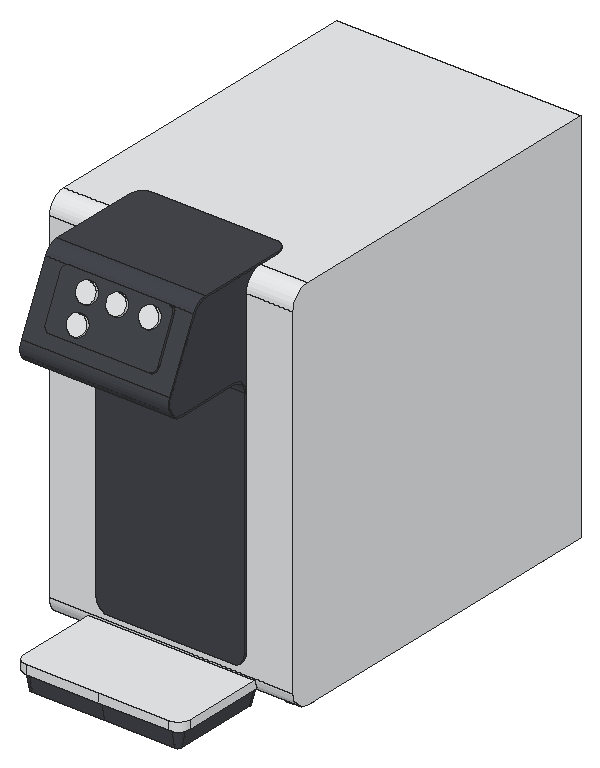
Revit family "Water_Dispenser_Hot-Filtered-Elkay-DSBSH130UVPC 2", category Plumbing Fixtures, Revit 2022
Family settings
  Round Connector Dimension = Use Diameter
  Part Type = Normal
  OmniClass Number = 23.45.00.00
  OmniClass Title = Sanitary, Laundry, and Cleaning Equipment
  Work Plane-Based = No
  Always vertical = No
  Cut with Voids When Loaded = No
  Maintain Annotation Orientation = No
  Shared = No
  Room Calculation Point = No
Parameters (values of type "DSBSH130UVPC (Water Dispenser Hot Filtered Refrigerated 1.5 GPH Stainless )")
  Width [instance] = 10 1/4"
  Waste Connection = yes
  Voltage = 115 V
  Vent Connection = yes
  URL = "https://www.elkay.com/us/en.html"
  Type Comments = ""
  Repair Parts URL = "https://www.elkayfiles.com/care-cleaning-install-warranty-sheets/1000003719.pdf"
  Product data URL = "https://bimobject.com/elkay/product/DSBSH130UVPC"
  Product Weight (lbs) = 65
  Product Page URL = "https://www.elkay.com/products/details/dsbsh130uvpc"
  Product Installation Sheet URL = "https://www.elkayfiles.com/care-cleaning-install-warranty-sheets/1000003719.pdf"
  Product Documentation Link = "https://www.elkayfiles.com/spec-sheets/dsbsh130uvpc_spec.pdf"
  Power Factor = 1
  Outlet Connection Size (inch) = 0"
  Number of Poles = 1
  Modified Date = ""
  Model = "DSBSH130UVPC"
  Manufacturer Brand = "Elkay (by Zurn Elkay Water Solutions)"  # constant formula
  Manufacturer = "Elkay Manufacturer Company"  # constant formula
  Main Material = Finish-Elkay-Steel
  Length = 19.19076"
  Inlet Connection Size (inch) = 1/4"
  Height = 16 1/2"
  HW Connection = yes
  Front Panel = Finish-Elkay-Midnight Black
  Footings dia = 0.57"
  Dimensions (L x W x H) = "\"19 3/16 inch x 10 1/4 inch x 16 7/16 inch\""
  Description = "Water Dispenser Hot Filtered Refrigerated 1.5 GPH Stainless Steel"
  Default Elevation = 0"
  Date Created = ""
  Current = 0 A
  Chilling Capacity(GPH) = "1.5 GPH"
  CW Connection = yes
  Buttons dia = 0.81704"
  Buttons Pad = Glass
  Assembly Code = "D2010800"
  Approx. Shipping Weight (lbs) = 80
Reference planes (in)
  plane 1 "Center (Front/Back)": y = 0
  plane 2: z = 0.03
  plane 3 "Center (Left/Right)": x = 0
  plane 4: z = 0.53
  plane 5: z = 16.405
  plane 6: y = 11.26574
  plane 7: y = -3.85926
  plane 8: x = 5.125
  plane 9: x = -5.125
  plane 10: y = -1.60926
  plane 11: z = 1.53
  plane 12: through (0, -6.52996, 16.05223) normal (0, -0.9002, 0.4356)
  plane 13: z = 16.4675
  plane 14: through (0, -6.58622, 16.07945) normal (0, -0.9002, 0.4356)
  plane 15: z = 12.4675
  plane 16: y = -3.92176
  plane 17: z = 12.53
  plane 18: z = 11.905
  plane 19: y = -4.48426
  plane 20: z = 15.78
  plane 21: y = -5.96736
  plane 22: y = -7.23752
  plane 23: z = 13.155
  plane 24: x = -4.06474
  plane 25: x = 4.06474
  plane 26: y = -2.15584
  plane 27: y = 9.84416
  plane 28: x = -3.5
  plane 29: x = 3.5
  plane 30: y = -7.74504
  plane 31: y = -3.26092
  plane 32: x = -2.625
  plane 33: x = 2.625
  plane 34: y = -3.63592
  plane 35: y = -3.38592
  plane 36: x = -3.375
  plane 37: x = -2.75
  plane 38: x = 2.75
  plane 39: x = 3.375
  plane 40: y = -3.51092
  plane 41: x = 2.5
  plane 42: y = -3.51092
  plane 43: y = -3.57342
  plane 44: y = -7.44842
  plane 45: y = -3.94842
  plane 46: x = -3.3125
  plane 47: y = -7.57342
  plane 48: x = 3.3125
  plane 49: y = -3.44842
  plane 50: y = -3.82342
  plane 51: y = -3.51092
  plane 52: z = 0.45937
  plane 53: through (0, -6.82477, 15.94518) normal (0, -0.9002, 0.4356)
  plane 54: y = -1.35926
  plane 55: y = -2.17176
  plane 56: x = 3.31095
  plane 57: x = -3.31095
  plane 58: x = -2.5625
  plane 59: x = 2.5625
  plane 60: z = 1.35734
  plane 61: z = 2.44269
  plane 62: x = -2.26573
  plane 63: x = -3.375
  plane 64: x = 3.375
  plane 65: z = 12.1722
  plane 66: z = 12.53
  plane 67: y = -7.92502
  plane 68: x = 3.5
  plane 69: x = -3.53778
  plane 70: z = 12.4675
  plane 71: through (0, -7.87889, 13.40259) normal (0, -0.9002, 0.4356)
  plane 72: y = -7.92502
  plane 73: z = 0.03
  plane 74: z = 0.817
  plane 75: z = 5.9675
  plane 76: x = 2.125
  plane 77: y = 11.20324
  plane 78: z = 7.9675
  plane 79: y = -3.92176
Forms (in)
  Extrusion 1, solid, material "Finish-Elkay-Steel" <- "Main Material"
    sketch origin (0, 0, -0.0325) x (1, 0, 0) y (0, 1, 0)
      loop
        circle (-4.06474, -2.15584) r 0.57
      loop
        circle (4.06474, -2.15584) r 0.57
      loop
        circle (-4.06474, 9.84416) r 0.57
      loop
        circle (4.06474, 9.84416) r 0.57
    from 0.0625 to 0.53
  Extrusion 2, solid, material "Finish-Elkay-Steel", detail levels fine
    sketch origin (3.92258, -13.37925, 0) x (0, -1, 0) y (0, 0, -1)
      loop
        arc (-9.51999, -1.2475) -> (-9.73966, -0.71717) -> (-10.26999, -0.4975) r 0.75
        line (-10.26999, -0.4975) -> (-24.64499, -0.4975) -> (-24.64499, -16.405) -> (-10.26999, -16.405)
        arc (-10.26999, -16.405) -> (-9.73966, -16.18533) -> (-9.51999, -15.655) r 0.75
        line (-9.51999, -15.655) -> (-9.51999, -1.2475)
    from -9.05258 to 1.20242
  Extrusion 3, solid, material "Finish-Elkay-Midnight Black" <- "Front Panel", detail levels fine
    sketch origin (3.9654, 13.58074, 0) x (0, -1, 0) y (0, 0, -1)
      loop
        line (16.6275, -16.405) -> (19.5481, -16.405)
        arc (19.5481, -16.405) -> (19.88012, -16.30951) -> (20.1107, -16.05223) r 0.625
        line (20.1107, -16.05223) -> (21.38086, -13.42723)
        arc (21.38086, -13.42723) -> (21.34777, -12.82297) -> (20.81826, -12.53) r 0.625
        line (20.81826, -12.53) -> (18.065, -12.53)
        arc (18.065, -12.53) -> (17.62306, -12.34694) -> (17.44, -11.905) r 0.625
        line (17.44, -11.905) -> (17.44, -15.5925)
        arc (17.44, -15.5925) -> (17.20202, -16.16702) -> (16.6275, -16.405) r 0.8125
    from -7.0904 to -0.8404
  Extrusion 4, solid, material "Finish-Elkay-Midnight Black" <- "Front Panel", detail levels fine
    sketch origin (5.0675, 13.58074, 0) x (0, -1, 0) y (0, 0, -1)
      loop
        line (15.19, -16.405) -> (15.19, -16.4675) -> (19.5481, -16.4675)
        arc (19.5481, -16.4675) -> (19.91333, -16.36246) -> (20.16696, -16.07945) r 0.6875
        line (20.16696, -16.07945) -> (21.43712, -13.45445)
        arc (21.43712, -13.45445) -> (21.40072, -12.78977) -> (20.81826, -12.4675) r 0.6875
        line (20.81826, -12.4675) -> (18.065, -12.4675)
        arc (18.065, -12.4675) -> (17.66725, -12.30275) -> (17.5025, -11.905) r 0.5625
        line (17.5025, -11.905) -> (17.5025, -1.53) -> (17.44, -1.53) -> (17.44, -11.905)
        arc (17.44, -11.905) -> (17.62306, -12.34694) -> (18.065, -12.53) r 0.625
        line (18.065, -12.53) -> (20.81826, -12.53)
        arc (20.81826, -12.53) -> (21.34777, -12.82297) -> (21.38086, -13.42723) r 0.625
        line (21.38086, -13.42723) -> (20.1107, -16.05223)
        arc (20.1107, -16.05223) -> (19.88012, -16.30951) -> (19.5481, -16.405) r 0.625
        line (19.5481, -16.405) -> (15.19, -16.405)
    from -8.1925 to -1.9425
  Extrusion 5, void
    sketch origin (0, 0, -0.0325) x (1, 0, 0) y (0, 1, 0)
      loop
        line (-2.5625, -1.60926) -> (-2.5625, -1.35926) -> (-3.31095, -1.35926) -> (-3.31095, -2.17176) -> (-3.125, -2.17176)
        arc (-3.125, -2.17176) -> (-2.96025, -1.77402) -> (-2.5625, -1.60926) r 0.5625
      loop
        arc (2.5625, -1.60926) -> (2.96025, -1.77402) -> (3.125, -2.17176) r 0.5625
        line (3.125, -2.17176) -> (3.31095, -2.17176) -> (3.31095, -1.35926) -> (2.5625, -1.35926) -> (2.5625, -1.60926)
    from 16.4375 to 16.58746
  Extrusion 6, void
    sketch origin (5.0675, -3.92176, 12.53) x (0, 0, 1) y (1, 0, 0)
      loop
        arc (-10.47, -8.1925) -> (-10.86775, -8.02775) -> (-11.0325, -7.63) r 0.5625
        line (-11.0325, -7.63) -> (-11.0325, -7.33323) -> (-11.17266, -7.33323) -> (-11.17266, -8.4425) -> (-10.08731, -8.4425) -> (-10.08731, -8.1925) -> (-10.47, -8.1925)
      loop
        line (-10.4814, -1.9425) -> (-9.7825, -1.9425) -> (-9.7825, -1.6925) -> (-11.17266, -1.6925) -> (-11.17266, -2.79037) -> (-11.0325, -2.79037) -> (-11.0325, -2.4936)
        arc (-11.0325, -2.4936) -> (-10.87109, -2.10391) -> (-10.4814, -1.9425) r 0.5511
    from 0.0625 to -0.45053
  Extrusion 7, solid, material "Finish-Elkay-Midnight Black" <- "Front Panel", detail levels fine
    sketch origin (5.0675, -6.4244, 16.41387) x (0, -0.435561, -0.900159) y (1, 0, 0)
      loop
        arc (0.37743, -7.15586) -> (0.45065, -7.33264) -> (0.62743, -7.40586) r 0.25
        line (0.62743, -7.40586) -> (2.50139, -7.40586)
        arc (2.50139, -7.40586) -> (2.67817, -7.33264) -> (2.75139, -7.15586) r 0.25
        line (2.75139, -7.15586) -> (2.75139, -2.9425)
        arc (2.75139, -2.9425) -> (2.67817, -2.76572) -> (2.50139, -2.6925) r 0.25
        line (2.50139, -2.6925) -> (0.62743, -2.6925)
        arc (0.62743, -2.6925) -> (0.45065, -2.76572) -> (0.37743, -2.9425) r 0.25
        line (0.37743, -2.9425) -> (0.37743, -7.15586)
    from 0 to 0.0625
  Extrusion 8, solid, material "Finish-Elkay-Steel" <- "Main Material", detail levels fine
    sketch origin (5.0675, -6.48066, 16.4411) x (0, -0.435561, -0.900159) y (1, 0, 0)
      loop
        circle (1.0048, -6.15284) r 0.40852
    from 0 to 0.09375
  Extrusion 9, solid, material "Finish-Elkay-Steel" <- "Main Material", detail levels fine
    sketch origin (4.79066, -7.95386, 13.39649) x (0, 0.435561, 0.900159) y (-1, 0, 0)
      loop
        circle (1.24703, 5.876) r 0.40852
    from 0 to 0.09375
  Extrusion 10, solid, material "Finish-Elkay-Steel" <- "Main Material", detail levels fine
    sketch origin (6.06548, -6.37516, 16.65913) x (0, -0.435561, -0.900159) y (1, 0, 0)
      loop
        circle (1.24703, -5.876) r 0.40852
    from 0 to 0.09375
  Extrusion 11, solid, material "Finish-Elkay-Steel" <- "Main Material", detail levels fine
    sketch origin (7.44048, -6.37516, 16.65913) x (0, -0.435561, -0.900159) y (1, 0, 0)
      loop
        circle (1.24703, -5.876) r 0.40852
    from 0 to 0.09375
  Extrusion 12, solid, material "Finish-Elkay-Steel" <- "Main Material"
    sketch origin (3.9654, -3.85926, 12.53) x (-1, 0, 0) y (0, 1, 0)
      loop
        circle (3.9029, -2.00163) r 0.5
    from 0 to 0.3578
  Extrusion 13, solid, material "Finish-Elkay-Steel" <- "Main Material", detail levels fine
    sketch origin (11.3125, 3.4197, 0.66515) x (1, 0, 0) y (0, 1, 0)
      loop
        line (-11.3125, -7.05562) -> (-13.8125, -7.05562)
        arc (-13.8125, -7.05562) -> (-13.90089, -7.01901) -> (-13.9375, -6.93062) r 0.125
        line (-13.9375, -6.93062) -> (-13.9375, -6.80562)
        arc (-13.9375, -6.80562) -> (-13.97411, -6.71723) -> (-14.0625, -6.68062) r 0.125
        line (-14.0625, -6.68062) -> (-14.6875, -6.68062)
        arc (-14.6875, -6.68062) -> (-14.77589, -6.71723) -> (-14.8125, -6.80562) r 0.125
        line (-14.8125, -6.80562) -> (-14.8125, -10.66474)
        arc (-14.8125, -10.66474) -> (-14.66605, -11.01829) -> (-14.3125, -11.16474) r 0.5
        line (-14.3125, -11.16474) -> (-11.3125, -11.16474) -> (-8.3125, -11.16474)
        arc (-8.3125, -11.16474) -> (-7.95895, -11.01829) -> (-7.8125, -10.66474) r 0.5
        line (-7.8125, -10.66474) -> (-7.8125, -6.80562)
        arc (-7.8125, -6.80562) -> (-7.84911, -6.71723) -> (-7.9375, -6.68062) r 0.125
        line (-7.9375, -6.68062) -> (-8.5625, -6.68062)
        arc (-8.5625, -6.68062) -> (-8.65089, -6.71723) -> (-8.6875, -6.80562) r 0.125
        line (-8.6875, -6.80562) -> (-8.6875, -6.93062)
        arc (-8.6875, -6.93062) -> (-8.72411, -7.01901) -> (-8.8125, -7.05562) r 0.125
        line (-8.8125, -7.05562) -> (-11.3125, -7.05562)
    from 0.15185 to 0.50705
  Blend 14, solid, material "Finish-Elkay-Midnight Black" <- "Front Panel"
    base sketch origin (11.3125, 3.4197, 0.49295) x (1, 0, 0) y (0, 1, 0)
      loop
        arc (-13.8125, -7.24312) -> (-14.01708, -7.16685) -> (-14.12179, -6.97526) r 0.3125
        arc (-14.12179, -6.97526) -> (-14.16368, -6.89863) -> (-14.24551, -6.86812) r 0.125
        line (-14.24551, -6.86812) -> (-14.5, -6.86812)
        arc (-14.5, -6.86812) -> (-14.58839, -6.90473) -> (-14.625, -6.99312) r 0.125
        line (-14.625, -6.99312) -> (-14.625, -10.68062)
        arc (-14.625, -10.68062) -> (-14.53347, -10.90159) -> (-14.3125, -10.99312) r 0.3125
        line (-14.3125, -10.99312) -> (-11.3125, -10.99312) -> (-8.3125, -10.99312)
        arc (-8.3125, -10.99312) -> (-8.09153, -10.90159) -> (-8, -10.68062) r 0.3125
        line (-8, -10.68062) -> (-8, -6.99312)
        arc (-8, -6.99312) -> (-8.03661, -6.90473) -> (-8.125, -6.86812) r 0.125
        line (-8.125, -6.86812) -> (-8.37949, -6.86812)
        arc (-8.37949, -6.86812) -> (-8.46132, -6.89863) -> (-8.50321, -6.97526) r 0.125
        arc (-8.50321, -6.97526) -> (-8.60792, -7.16685) -> (-8.8125, -7.24312) r 0.3125
        line (-8.8125, -7.24312) -> (-11.3125, -7.24312) -> (-13.8125, -7.24312)
    top sketch origin (11.3125, 3.4197, 0.49295) x (1, 0, 0) y (0, 1, 0)
      loop
        line (-14.5, -7.11812) -> (-14.5, -10.68062)
        arc (-14.5, -10.68062) -> (-14.44508, -10.8132) -> (-14.3125, -10.86812) r 0.1875
        line (-14.3125, -10.86812) -> (-11.3125, -10.86812) -> (-8.3125, -10.86812)
        arc (-8.3125, -10.86812) -> (-8.17992, -10.8132) -> (-8.125, -10.68062) r 0.1875
        line (-8.125, -10.68062) -> (-8.125, -7.11812)
        arc (-8.125, -7.11812) -> (-8.16161, -7.02973) -> (-8.25, -6.99312) r 0.125
        line (-8.25, -6.99312) -> (-8.28217, -6.99312)
        arc (-8.28217, -6.99312) -> (-8.35434, -7.01606) -> (-8.40002, -7.07645) r 0.125
        arc (-8.40002, -7.07645) -> (-8.55991, -7.28784) -> (-8.8125, -7.36812) r 0.4375
        line (-8.8125, -7.36812) -> (-11.3125, -7.36812) -> (-13.8125, -7.36812)
        arc (-13.8125, -7.36812) -> (-14.06509, -7.28784) -> (-14.22498, -7.07645) r 0.4375
        arc (-14.22498, -7.07645) -> (-14.27066, -7.01606) -> (-14.34283, -6.99312) r 0.125
        line (-14.34283, -6.99312) -> (-14.375, -6.99312)
        arc (-14.375, -6.99312) -> (-14.46339, -7.02973) -> (-14.5, -7.11812) r 0.125
    from 0.32405 to -0.46295
  Extrusion 15, solid, material "Finish-Elkay-Steel" <- "Main Material", detail levels coarse+medium
    sketch origin (0, 0, 0) x (0, 1, 0) y (0, 0, 1)
      loop
        line (11.26574, 16.4675) -> (-3.92176, 16.4675) -> (-3.92176, 0.03) -> (11.26574, 0.03) -> (11.26574, 16.4675)
    from -5.13 to 5.125
  Extrusion 16, solid, material "Finish-Elkay-Midnight Black" <- "Front Panel", detail levels coarse+medium
    sketch origin (0, 0, 0) x (0, 1, 0) y (0, 0, 1)
      loop
        line (-3.92176, 16.4675) -> (-6.57203, 16.4675) -> (-8.47728, 12.53) -> (-3.92176, 12.53) -> (-3.92176, 16.4675)
    from -3.125 to 3.125
  Extrusion 17, solid, material "Finish-Elkay-Midnight Black" <- "Front Panel", detail levels coarse+medium
    sketch origin (0, 0, -0.0325) x (1, 0, 0) y (0, 1, 0)
      loop
        line (-3.53778, -3.26092) -> (-3.53778, -7.74504) -> (3.5, -7.74504) -> (3.5, -3.26092) -> (-3.53778, -3.26092)
    from 0 to 0.53
  Extrusion 18, solid, material "Glass"
    sketch origin (0, 0, 0) x (1, 0, 0) y (0, 0, 1)
      loop
        circle (2.125, 5.9675) r 0.25
    from -11.26574 to -11.20324
  Extrusion 19, solid, material "Glass"
    sketch origin (0, 0, 0) x (1, 0, 0) y (0, 0, 1)
      loop
        circle (4.06474, 7.9675) r 0.5
    from -11.26574 to -11.20324
Cuts and joins
  Extrusion 5 cuts Extrusion 1
  Extrusion 5, Extrusion 6 cuts Extrusion 2
  Extrusion 5, Extrusion 6 cuts Extrusion 4
Lines and regions (in)
  Masking region 1
    outline origin (0, 0, 0) x (1, 0, 0) y (0, 1, 0)
      loop
        line (5.125, 11.26574) -> (-5.13, 11.26574) -> (-5.13, -3.92176) -> (-3.53778, -3.92176) -> (-3.53778, -8.47728) -> (3.5, -8.47728) -> (3.5, -3.92176) -> (5.125, -3.92176) -> (5.125, 11.26574)
  reference lines
    curve 1: line (0, 16.08074, -0.0325) -> (0, -17.41926, -0.0325)
    curve 2: line (0, 16.08074, 0.4975) -> (0, -17.41926, 0.4975)
    curve 3: line (-13.75, 0, 17.43) -> (14.25, 0, 17.43)
    curve 4: line (-2.3485, 0, 15.73) -> (-2.3485, 0, 23.98)
    curve 5: line (2.3715, 0, 15.23) -> (2.3715, 0, 23.98)
    curve 6: line (0, -2.91926, 19.1975) -> (0, -2.91926, 21.6975)
    curve 7: line (0, 15.42701, 19.7275) -> (0, -18.07299, 19.7275)
  model lines, detail levels fine
    curve 8: line (-3.125, -6.58622, 16.07945) -> (3.125, -6.58622, 16.07945)
    curve 9: line (-1.08628, -7.32164, 14.70308) -> (-0.83628, -7.32164, 14.70308)
    curve 10: line (-1.21128, -7.48497, 14.36552) -> (-1.21128, -7.37608, 14.59056)
    curve 11: line (-0.83628, -7.53942, 14.253) -> (-1.08628, -7.53942, 14.253)
    curve 12: line (-0.71128, -7.37608, 14.59056) -> (-0.71128, -7.48497, 14.36552)
    curve 13: arc (-1.08628, -7.32164, 14.70308) -> (-1.17467, -7.33758, 14.67013) -> (-1.21128, -7.37608, 14.59056) r 0.125
    curve 14: arc (-1.21128, -7.48497, 14.36552) -> (-1.17467, -7.52347, 14.28596) -> (-1.08628, -7.53942, 14.253) r 0.125
    curve 15: arc (-0.83628, -7.53942, 14.253) -> (-0.74789, -7.52347, 14.28596) -> (-0.71128, -7.48497, 14.36552) r 0.125
    curve 16: arc (-0.71128, -7.37608, 14.59056) -> (-0.74789, -7.33758, 14.67013) -> (-0.83628, -7.32164, 14.70308) r 0.125
  model lines
    curve 17: line (-3.125, -5.86089, 12.53) -> (3.125, -5.86089, 12.53)
    curve 18: line (-2.75, -3.32342, 1.1722) -> (-3.375, -3.32342, 1.1722)
    curve 19: arc (-3.375, -3.32342, 1.1722) -> (-3.41919, -3.34173, 1.1722) -> (-3.4375, -3.38592, 1.1722) r 0.0625
    curve 20: arc (-2.6875, -3.38592, 1.1722) -> (-2.70581, -3.34173, 1.1722) -> (-2.75, -3.32342, 1.1722) r 0.0625
    curve 21: arc (-2.5, -3.69842, 1.1722) -> (-2.63258, -3.6435, 1.1722) -> (-2.6875, -3.51092, 1.1722) r 0.1875
    curve 22: line (-2.6875, -3.51092, 1.1722) -> (-2.6875, -3.38592, 1.1722)
    curve 23: line (0, -3.69842, 1.1722) -> (-2.5, -3.69842, 1.1722)
    curve 24: line (2.5, -3.69842, 1.1722) -> (0, -3.69842, 1.1722)
    curve 25: arc (3.4375, -3.38592, 1.1722) -> (3.41919, -3.34173, 1.1722) -> (3.375, -3.32342, 1.1722) r 0.0625
    curve 26: line (3.375, -3.32342, 1.1722) -> (2.75, -3.32342, 1.1722)
    curve 27: arc (2.75, -3.32342, 1.1722) -> (2.70581, -3.34173, 1.1722) -> (2.6875, -3.38592, 1.1722) r 0.0625
    curve 28: line (2.6875, -3.38592, 1.1722) -> (2.6875, -3.51092, 1.1722)
    curve 29: arc (2.6875, -3.51092, 1.1722) -> (2.63258, -3.6435, 1.1722) -> (2.5, -3.69842, 1.1722) r 0.1875
  symbolic lines, detail levels fine
    curve 30: line (2.57843, -1.60926, -0.0325) -> (-2.5625, -1.60926, -0.0325)
    curve 31: arc (-3.125, -2.17176, -0.0325) -> (-2.96025, -1.77402, -0.0325) -> (-2.5625, -1.60926, -0.0325) r 0.5625
    curve 32: arc (2.57843, -1.60926, -0.0325) -> (2.96491, -1.76935, -0.0325) -> (3.125, -2.15584, -0.0325) r 0.54657
    curve 33: line (3.125, -8.47728, -0.0325) -> (3.125, -2.15584, -0.0325)
    curve 34: line (-3.125, -2.17176, -0.0325) -> (-3.125, -8.47728, -0.0325)
Dimensions and locks (in)
  locked: curve 2 to curve 1 at 0.53
  locked: plane 4 to plane 5 at 15.875
  locked: curve 5 to plane 6 at 11.26574
  locked: plane 7 to plane 6 at 15.125
  locked: curve 1 to level
  locked: plane 1 "Center (Front/Back)" to curve 7 at 18.07299
  locked: plane 1 "Center (Front/Back)" to curve 2 at 17.41926
  locked: curve 1 to curve 2  (x2)
  locked: plane 1 "Center (Front/Back)" to curve 6 at 2.91926
  locked: curve 7 to plane 1 "Center (Front/Back)" at 15.42701
  locked: curve 2 to plane 1 "Center (Front/Back)" at 16.08074
  locked: level to curve 6 at 19.23
  locked: curve 6 to curve 7 at 0.53
  locked: curve 6 to curve 6 at 2.5
  locked: curve 3 to plane 3 "Center (Left/Right)" at 13.75
  locked: plane 3 "Center (Left/Right)" to curve 5 at 2.3715
  locked: curve 4 to plane 3 "Center (Left/Right)" at 2.3485
  locked: curve 5 to curve 3 at 11.8785
  locked: curve 5 to curve 4 at 0.5
  locked: curve 5 to curve 3 at 2.2
  locked: curve 5 to curve 5 at 8.75
  locked: curve 4 to curve 5
  locked: Extrusion 3 sketch curve to Extrusion 3 sketch curve at 0.8125
  locked: Extrusion 3 sketch curve to Extrusion 3 sketch curve at 0.625
  locked: Extrusion 3 sketch curve to Extrusion 3 sketch curve at 0.5626
  locked: Extrusion 3 sketch curve to Extrusion 3 sketch curve at 0.35277
  locked: Extrusion 3 sketch curve to Extrusion 3 sketch curve at 0.27223
  locked: Blend 14 sketch curve to plane 3 "Center (Left/Right)"  (x4)
  locked: Blend 14 sketch curve to plane 3 "Center (Left/Right)" at 2.5
  locked: Blend 14 sketch curve to Blend 14 sketch curve at 0.53033  (x2)
  locked: Blend 14 sketch curve to Blend 14 sketch curve at 0.03217  (x2)
  locked: Blend 14 sketch curve to Blend 14 sketch curve at 0.1875  (x2)
  locked: Blend 14 sketch curve to Blend 14 sketch curve at 0.25  (x2)
  locked: Blend 14 sketch curve to Blend 14 sketch curve  (x3)
  locked: Blend 14 sketch curve to Blend 14 sketch curve at 0.4375  (x2)
  locked: curve 20 to curve 20 at 0.0625
  locked: curve 26 to curve 25 at 0.0625
  locked: plane 8 to plane 9 at 10.25
  equal spacing: plane 8, plane 3 "Center (Left/Right)", plane 9, locked at 5.125 each
  locked: Extrusion 2 sketch curve to plane 7 at 0.75
  locked: Extrusion 2 sketch curve to Extrusion 2 sketch curve at 0.75
  locked: plane 1 "Center (Front/Back)" to plane 10 at 1.60926
  locked: curve 1 to plane 11 at 1.5625
  locked: curve 8 to plane 8 at 2
  locked: plane 9 to curve 8 at 2
  locked: plane 13 to cut or joined group of Extrusion 2, Extrusion 5, Extrusion 6 at 0.0625
  locked: plane 13 to plane 15 at 4
  locked: cut or joined group of Extrusion 2, Extrusion 5, Extrusion 6 to plane 16 at 0.0625
  locked: plane 17 to plane 15 at 0.0625
  locked: plane 13 to plane 20 at 0.6875
  locked: plane 10 to plane 21 at 4.3581
  locked: cut or joined group of Extrusion 2, Extrusion 5, Extrusion 6 to plane 22 at 3.37826
  locked: plane 23 to plane 15 at 0.6875
  locked: Extrusion 4 sketch curve to plane 18
  locked: Extrusion 4 sketch curve to plane 23 at 0.29945
  locked: cut or joined group of Extrusion 2, Extrusion 5, Extrusion 6 to Extrusion 3 sketch curve at 4.5
  locked: curve 17 to plane 8 at 2
  locked: plane 1 "Center (Front/Back)" to curve 17 at 5.86089
  locked: plane 9 to curve 17 at 2
  locked: plane 27 to plane 26 at 12
  locked: plane 24 to plane 25 at 8.12948
  locked: cut or joined group of Extrusion 2, Extrusion 5, Extrusion 6 to plane 27 at 1.42157
  locked: cut or joined group of Extrusion 2, Extrusion 5, Extrusion 6 to plane 24 at 1.06526
  locked: plane 28 to plane 29 at 7
  equal spacing: plane 28, curve 7, plane 29, locked at 3.5 each
  locked: cut or joined group of Extrusion 2, Extrusion 5, Extrusion 6 to plane 30 at 19.01078
  locked: plane 31 to plane 30 at 4.48412
  locked: plane 28 to plane 32 at 0.875
  locked: plane 33 to plane 29 at 0.875
  locked: plane 35 to plane 31 at 0.125
  locked: plane 39 to Extrusion 13 sketch curve at 0.125
  locked: plane 33 to plane 38 at 0.125
  locked: plane 40 to plane 34 at 0.125
  locked: plane 41 to plane 33 at 0.125
  locked: Extrusion 13 sketch curve to plane 37
  locked: Extrusion 13 sketch curve to plane 3 "Center (Left/Right)"  (x2)
  locked: plane 40 to Extrusion 13 sketch curve
  locked: Extrusion 13 sketch curve to plane 37 at 0.25
  locked: plane 38 to Extrusion 13 sketch curve at 0.25
  locked: plane 42 to plane 31 at 0.25
  locked: curve 21 to curve 23 at 2.5
  locked: plane 43 to plane 44 at 3.875
  locked: Blend 14 sketch curve to Blend 14 sketch curve at 6.375
  locked: cut or joined group of Extrusion 2, Extrusion 5, Extrusion 6 to plane 44 at 18.71416
  locked: plane 43 to Blend 14 sketch curve
  locked: Blend 14 sketch curve to curve 7 at 3.1875
  locked: curve 7 to Blend 14 sketch curve at 3.1875
  locked: plane 45 to plane 43 at 0.375
  locked: cut or joined group of Extrusion 2, Extrusion 5, Extrusion 6 to plane 47 at 18.83916
  locked: plane 9 to plane 46 at 1.8125
  locked: plane 48 to plane 8 at 1.8125
  locked: plane 49 to plane 47 at 4.125
  locked: plane 49 to plane 50 at 0.375
  locked: Blend 14 sketch curve to Blend 14 sketch curve at 5
  equal spacing: Blend 14 sketch curve, curve 7, Blend 14 sketch curve, locked at 2.5 each
  locked: plane 49 to plane 51 at 0.0625
  locked: Blend 14 sketch curve to Blend 14 sketch curve at 0.125  (x2)
  locked: plane 49 to Blend 14 sketch curve at 0.125  (x2)
  locked: Blend 14 sketch curve to Blend 14 sketch curve at 0.25449  (x2)
  locked: plane 46 to Blend 14 sketch curve at 0.125
  locked: plane 46 to Blend 14 sketch curve at 0.3125
  locked: Blend 14 sketch curve to plane 47 at 0.3125
  locked: Blend 14 sketch curve to Blend 14 sketch curve at 0.3125  (x2)
  locked: plane 51 to Blend 14 sketch curve
  locked: Blend 14 sketch curve to plane 48 at 0.3125
  locked: Blend 14 sketch curve to plane 48 at 0.125
  locked: plane 51 to Blend 14 sketch curve at 0.0625
  locked: plane 52 to level at 0.49187
  locked: curve 24 to plane 3 "Center (Left/Right)"
  locked: curve 22 to curve 21 at 0.1875
  locked: curve 18 to curve 18 at 0.625
  locked: plane 25 to curve 24 at 1.56474
  locked: curve 29 to curve 28 at 0.1875
  locked: curve 27 to curve 27 at 0.0625
  locked: curve 27 to curve 25 at 0.625
  locked: curve 24 to plane 26 at 1.54258
  locked: curve 21 to curve 20 at 0.125
  locked: curve 19 to curve 18 at 0.0625
  locked: curve 28 to curve 25 at 0.125
  locked: curve 11 to Extrusion 7 at 0.32061
  locked: curve 15 to curve 15 at 0.125
  locked: curve 14 to curve 11 at 0.125
  locked: curve 16 to curve 15 at 0.25
  locked: curve 13 to curve 14 at 0.25
  locked: curve 9 to curve 16 at 0.125
  locked: curve 11 to curve 11 at 0.25
  locked: curve 10 to Extrusion 7 at 1.12708
  locked: Extrusion 7 sketch curve to Extrusion 7 sketch curve at 2.37396
  locked: Extrusion 7 sketch curve to Extrusion 7 sketch curve at 4.71336
  locked: Extrusion 7 sketch curve to cut or joined group of Extrusion 4, Extrusion 5, Extrusion 6 at 2.52299
  locked: cut or joined group of Extrusion 4, Extrusion 5, Extrusion 6 to Extrusion 7 sketch curve at 0.78664
  locked: Extrusion 7 sketch curve to Extrusion 7 sketch curve at 0.25  (x6)
  locked: Extrusion 7 sketch curve to curve 8 at 0.25591
  locked: Extrusion 7 to cut or joined group of Extrusion 4, Extrusion 5, Extrusion 6 at 0.0625
  locked: Extrusion 7 to Extrusion 8 sketch curve at 1.25302
  locked: Extrusion 7 to Extrusion 8 sketch curve at 0.62738
  locked: Extrusion 7 to Extrusion 10 sketch curve at 0.62738
  locked: Extrusion 7 to Extrusion 10 sketch curve at 2.52784
  locked: Extrusion 11 sketch curve to Extrusion 7 at 0.81051
  locked: Extrusion 7 to Extrusion 11 sketch curve at 0.62738
  locked: Extrusion 7 to Extrusion 9 sketch curve at 0.61612
  locked: Extrusion 7 to Extrusion 9 sketch curve at 1.25302
  locked: plane 53 to cut or joined group of Extrusion 4, Extrusion 5, Extrusion 6 at 0.15625
  locked: plane 57 to cut or joined group of Extrusion 4, Extrusion 5, Extrusion 6 at 0.18595
  locked: cut or joined group of Extrusion 4, Extrusion 5, Extrusion 6 to plane 56 at 0.18595
  locked: plane 54 to cut or joined group of Extrusion 4, Extrusion 5, Extrusion 6 at 0.25
  locked: plane 59 to plane 56 at 0.74845
  locked: plane 57 to plane 58 at 0.74845
  locked: Extrusion 5 sketch curve to plane 58
  locked: Extrusion 5 sketch curve to plane 59
  locked: plane 60 to level at 1.38984
  locked: Extrusion 6 sketch curve to plane 62 at 1.10927
  locked: plane 61 to level at 2.47519
  locked: Extrusion 13 to plane 62 at 1.10927
  locked: Extrusion 6 sketch curve to plane 63 at 0.8125
  locked: plane 61 to Extrusion 6 sketch curve at 0.38269
  locked: plane 64 to plane 63 at 6.75
  locked: plane 64 to Extrusion 6 sketch curve at 1.09787
  locked: Extrusion 6 sketch curve to plane 60 at 0.69125
  locked: plane 64 to Extrusion 6 sketch curve at 0.8011
  locked: plane 62 to Extrusion 6 sketch curve
  locked: plane 61 to Extrusion 6 sketch curve at 0.30481
  locked: plane 66 to plane 65 at 0.3578
  locked: Extrusion 13 to Extrusion 12 sketch curve at 3.4375
  locked: Extrusion 13 to Extrusion 12 sketch curve at 1.88415
  locked: cut or joined group of Extrusion 2, Extrusion 5, Extrusion 6 to plane 67 at 19.19076
  locked: plane 66 to Extrusion 15 sketch curve at 3.9375
  locked: Masking region 1 sketch curve to plane 24 at 0.52697
  locked: plane 25 to Masking region 1 sketch curve at 0.56474
  locked: Extrusion 17 sketch curve to plane 24 at 0.52697
  locked: plane 25 to Extrusion 17 sketch curve at 0.56474
  locked: Extrusion 17 sketch curve to plane 26 at 1.10508
  locked: Extrusion 17 sketch curve to Extrusion 17 sketch curve at 4.48412
  locked: Masking region 1 sketch curve to plane 67 at 0.55225
  locked: Extrusion 3 sketch curve to plane 66
  locked: Extrusion 3 sketch curve to Extrusion 3 sketch curve at 2.1081
  locked: Extrusion 3 sketch curve to Extrusion 3 sketch curve at 2.75326
  locked: plane 65 to Extrusion 3 sketch curve at 1.25502
  locked: plane 60 to Extrusion 6 sketch curve at 0.14016  (x2)
  locked: Extrusion 15 sketch curve to plane 26 at 1.76593
  locked: Extrusion 17 to level at 0.53
  locked: plane 68 to plane 69 at 7.03778
  locked: plane 3 "Center (Left/Right)" to plane 69 at 3.53778
  locked: cut or joined group of Extrusion 4, Extrusion 5, Extrusion 6 to cut or joined group of Extrusion 4, Extrusion 5, Extrusion 6 at 6.25
  locked: plane 66 to Extrusion 16 sketch curve at 3.9375
  locked: Extrusion 16 sketch curve to plane 26 at 1.76593
  locked: plane 27 to Extrusion 15 sketch curve at 1.42157
  locked: Masking region 1 to cut or joined group of Extrusion 4, Extrusion 5, Extrusion 6 at 6.86801
  locked: curve 10 to Masking region 1 at 3.91872
  "Width": plane 9 to plane 8
  locked: plane 66 to curve 5 at 2.7
  "Height": cut or joined group of Extrusion 4, Extrusion 5, Extrusion 6 to level
  "Length": cut or joined group of Extrusion 2, Extrusion 5, Extrusion 6 to plane 72
  locked: plane 52 to curve 2 at 0.03813
  locked: plane 4 to Extrusion 2 sketch curve at 0.0325
  locked: plane 65 to Extrusion 13 at 11
  cut or joined group of Extrusion 4, Extrusion 5, Extrusion 6 to level = 16 1/2"
  locked: cut or joined group of Extrusion 4, Extrusion 5, Extrusion 6 to plane 73 at 16.4375
  locked: plane 74 to plane 73 at 0.787
  locked: level to plane 75 at 6
  locked: plane 76 to Extrusion 15 at 3
  locked: Extrusion 15 to plane 77 at 0.0625
  locked: level to plane 78 at 8
  locked: plane 72 to curve 34 at 0.55225
  locked: plane 72 to curve 33 at 0.55225
  radius of Extrusion 4 sketch curve = 9/16"
  "Footings dia": radius of Extrusion 1 sketch curve  (x4)
  "Buttons dia": diameter of Extrusion 8 sketch curve
  "Buttons dia": diameter of Extrusion 10 sketch curve
  "Buttons dia": diameter of Extrusion 11 sketch curve
  "Buttons dia": diameter of Extrusion 9 sketch curve
  diameter of Extrusion 12 sketch curve = 1"
  diameter of Extrusion 19 sketch curve = 1"
  locked: plane 10 to plane 12 (angle 25.821°)
  aligned and locked: plane 5 to Extrusion 2 sketch curve
  aligned and locked: Extrusion 2 sketch curve to plane 6
  aligned and locked: plane 7 to Extrusion 2 sketch curve
  aligned and locked: Extrusion 4 sketch curve to plane 11
  aligned and locked: plane 12 to Extrusion 4 sketch curve
  aligned and locked: plane 10 to Extrusion 4 sketch curve  (x2)
  aligned and locked: Extrusion 4 sketch curve to plane 13
  aligned and locked: plane 14 to Extrusion 4 sketch curve
  aligned and locked: plane 15 to Extrusion 4 sketch curve
  aligned and locked: plane 17 to Extrusion 4 sketch curve
  aligned and locked: plane 18 to Extrusion 4 sketch curve  (x2)
  aligned and locked: plane 19 to Extrusion 4 sketch curve
  aligned and locked: plane 20 to Extrusion 4 sketch curve  (x2)
  aligned and locked: plane 21 to Extrusion 4 sketch curve  (x2)
  aligned and locked: plane 23 to Extrusion 4 sketch curve  (x2)
  aligned and locked: plane 22 to Extrusion 4 sketch curve  (x2)
  aligned and locked: Extrusion 4 sketch curve to plane 16
  aligned and locked: Extrusion 3 sketch curve to cut or joined group of Extrusion 4, Extrusion 5, Extrusion 6
  aligned and locked: cut or joined group of Extrusion 4, Extrusion 5, Extrusion 6 to Extrusion 3  (x2)
  aligned and locked: plane 27 to Extrusion 1 sketch curve  (x2)
  aligned and locked: plane 24 to Extrusion 1 sketch curve  (x2)
  aligned and locked: plane 26 to Extrusion 1 sketch curve  (x2)
  aligned and locked: plane 25 to Extrusion 1 sketch curve  (x2)
  aligned and locked: Extrusion 1 to curve 2
  aligned and locked: plane 28 to Extrusion 13 sketch curve
  aligned and locked: Extrusion 13 sketch curve to plane 30
  aligned and locked: plane 31 to Extrusion 13 sketch curve  (x2)
  aligned and locked: plane 33 to Extrusion 13 sketch curve
  aligned and locked: plane 32 to Extrusion 13 sketch curve
  aligned and locked: plane 34 to Extrusion 13 sketch curve
  aligned and locked: plane 35 to Extrusion 13 sketch curve  (x4)
  aligned and locked: plane 39 to Extrusion 13 sketch curve
  aligned and locked: plane 38 to Extrusion 13 sketch curve
  aligned and locked: plane 40 to Extrusion 13 sketch curve
  aligned and locked: plane 41 to Extrusion 13 sketch curve
  aligned and locked: plane 42 to Extrusion 13 sketch curve
  aligned and locked: plane 37 to Extrusion 13 sketch curve
  aligned and locked: plane 36 to Extrusion 13 sketch curve
  aligned and locked: Blend 14 sketch curve to plane 44  (x2)
  aligned and locked: Blend 14 sketch curve to plane 43
  aligned and locked: plane 46 to Blend 14 sketch curve
  aligned and locked: Blend 14 sketch curve to plane 47
  aligned and locked: plane 48 to Blend 14 sketch curve
  aligned and locked: plane 50 to Blend 14 sketch curve  (x2)
  aligned and locked: plane 51 to Blend 14 sketch curve
  aligned and locked: Blend 14 to plane 2
  aligned and locked: Extrusion 7 to cut or joined group of Extrusion 4, Extrusion 5, Extrusion 6
  aligned and locked: plane 53 to Extrusion 9
  aligned and locked: plane 53 to Extrusion 8
  aligned and locked: Extrusion 10 to Extrusion 8
  aligned and locked: Extrusion 5 sketch curve to plane 56
  aligned and locked: Extrusion 5 sketch curve to plane 57
  aligned and locked: plane 54 to Extrusion 5 sketch curve
  aligned and locked: Extrusion 5 sketch curve to plane 54
  aligned and locked: plane 62 to Extrusion 6 sketch curve
  aligned and locked: plane 61 to Extrusion 6 sketch curve
  aligned and locked: Extrusion 6 sketch curve to plane 60
  aligned and locked: plane 60 to Extrusion 6 sketch curve
  aligned and locked: plane 64 to Extrusion 6 sketch curve
  aligned and locked: plane 66 to cut or joined group of Extrusion 4, Extrusion 5, Extrusion 6
  aligned and locked: plane 65 to Extrusion 12
  aligned and locked: curve 31 to cut or joined group of Extrusion 4, Extrusion 5, Extrusion 6
  aligned and locked: Extrusion 15 sketch curve to plane 2
  aligned and locked: Extrusion 15 to cut or joined group of Extrusion 4, Extrusion 5, Extrusion 6
  aligned and locked: Extrusion 16 sketch curve to Extrusion 11
  aligned and locked: Extrusion 16 sketch curve to plane 66
  aligned and locked: Extrusion 3 to Extrusion 16
  aligned and locked: Extrusion 16 to Extrusion 3
  aligned and locked: Masking region 1 to Extrusion 16
  aligned and locked: plane 68 to Extrusion 17  (x2)
  aligned and locked: plane 69 to Extrusion 17
  aligned and locked: Extrusion 17 to plane 69
  aligned and locked: Extrusion 15 to Extrusion 16
  aligned and locked: Extrusion 17 to Extrusion 13
  aligned and locked: Extrusion 17 to Masking region 1
  aligned and locked: Extrusion 15 to Masking region 1
  aligned and locked: Masking region 1 to Extrusion 15  (x4)
  aligned and locked: Extrusion 16 to cut or joined group of Extrusion 4, Extrusion 5, Extrusion 6
  aligned and locked: cut or joined group of Extrusion 4, Extrusion 5, Extrusion 6 to Extrusion 16
  aligned and locked: Masking region 1 to Extrusion 13
  aligned and locked: curve 33 to cut or joined group of Extrusion 4, Extrusion 5, Extrusion 6
  aligned and locked: Extrusion 3 to cut or joined group of Extrusion 4, Extrusion 5, Extrusion 6
  aligned and locked: curve 33 to Extrusion 16
  aligned and locked: plane 26 to curve 33
  aligned and locked: plane 70 to cut or joined group of Extrusion 4, Extrusion 5, Extrusion 6
  aligned and locked: cut or joined group of Extrusion 1, Extrusion 5 to plane 73
  aligned and locked: plane 74 to Blend 14
  aligned and locked: plane 76 to Extrusion 18 sketch curve
  aligned and locked: plane 75 to Extrusion 18 sketch curve
  aligned and locked: cut or joined group of Extrusion 2, Extrusion 5, Extrusion 6 to Extrusion 18
  aligned and locked: plane 77 to Extrusion 18
  aligned and locked: Extrusion 15 to cut or joined group of Extrusion 2, Extrusion 5, Extrusion 6
  aligned and locked: plane 78 to Extrusion 19 sketch curve
  aligned and locked: plane 25 to Extrusion 19 sketch curve
  aligned and locked: cut or joined group of Extrusion 2, Extrusion 5, Extrusion 6 to Extrusion 19
  aligned and locked: Extrusion 18 to Extrusion 19
  aligned and locked: Extrusion 5 to Extrusion 3
  aligned and locked: Extrusion 2 to cut or joined group of Extrusion 1, Extrusion 5
  aligned and locked: plane 79 to Masking region 1 sketch curve
  aligned and locked: Masking region 1 sketch curve to plane 79
Automatic sketch dimensions
  plane 8 to Masking region 1 sketch curve = 0"
  Masking region 1 sketch curve to plane 9 = 0.005"
  Masking region 1 sketch curve to plane 77 = 1/16"
  radius of curve 19 to Extrusion 13 = 1/16"
  radius of Extrusion 13 to curve 21 = 1/16"
  radius of curve 27 to Extrusion 13 = 1/16"
  radius of Extrusion 18 sketch curve = 1/4"
Connectors (in)
  piping at (2.125, 11.26574, 5.9675), diameter 0.25, driven by "Inlet Connection Size (inch)"
    settings: on Extrusion 18, index 1, connector inside diameter 24", connector length 0", flow factor 0, pipe flow 0 GPM, pressure drop 0.00 psi, fitting loss kfactor 0, connector angle 0.00°, fixture units 0, engagement length 0", angle of deflection 0.00°, flow configuration 0, flow direction 1, fitting loss method 0, system type 16, joint type 0, gender type 0, connector reference index -1, connector utility 0, adjustable connector no, is connector primary yes, connector description ""
  electrical at (4.06474, 11.26574, 7.9675)
    settings: on Extrusion 19, index 2, voltage 110 V, apparent load 0 VA, apparent load phase1 0 VA, apparent load phase2 0 VA, apparent load phase3 0 VA, power factor 1, load classification "Power", number of poles 1, system type 30, power factor state 1, is connector primary yes, connector utility no, sub classification motor no, connector description "GFCI Receptacle"
